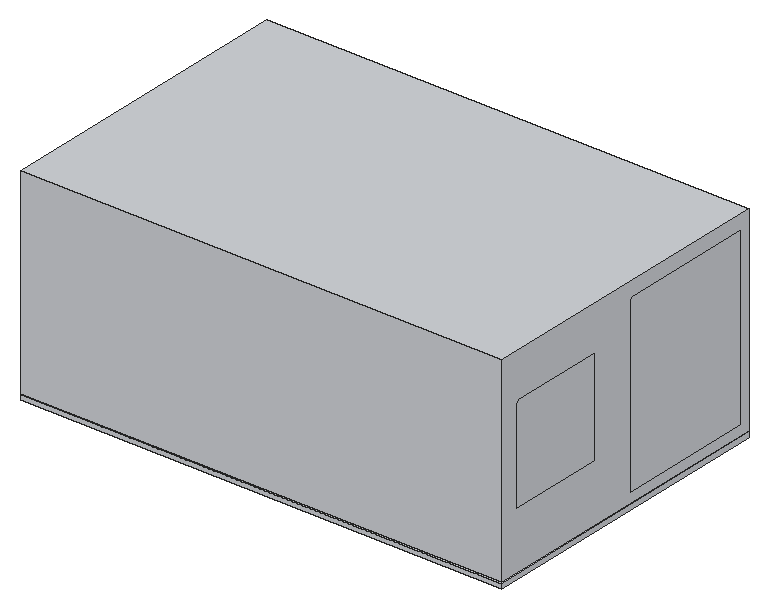
Revit family "AHU 8 _8", category Mechanické zařízení, Revit 2018
Family settings
  Kóta kulaté spojky = Použít průměr
  Typ dílu = Normální
  Číslo OmniClass = 23.75.00.00
  Nadpis OmniClass = Climate Control (HVAC)
  Založené na pracovní rovině = Ne
  Vždy vertikální = Ano
  Ořezat dutým tvarem při načtení = Ne
  Sdílené = Ne
  Bod výpočtu místnosti = Ne
Parameters (values of type "DUPLEXVENT 5500 Multi Eco")
  Width [instance] = 1.6 mm
  Weight [instance] = 493.00 kg
  URL = ""
  Type [instance] = "DUPLEXVENT 5500 Multi Eco"
  Total_SFP [instance] = 0
  Supply_outlet_hum [instance] = 90
  Supply_inlet_hum [instance] = 90
  Supply_ext_pressure [instance] = 0.0 Pa
  Supply_SFP [instance] = 0
  Source_adu_file [instance] = ""
  Recuperation_type [instance] = "Plate heat recovery exchanger"
  Recuperation_efficiency_EN308 [instance] = 0
  Project_name [instance] = ""
  Project_date [instance] = "10.8.2023"
  Power_supply_fusing [instance] = "0"
  Power_supply_cable [instance] = "0"
  Position [instance] = "AHU 8 "
  Phases_count [instance] = 3
  Panel_thickness [instance] = 0.06 mm
  Outer_surface [instance] = "RAL 9002"
  Length [instance] = 2.5 mm
  Insulation_type [instance] = "PUR"
  Insulation_thickness [instance] = 0.05 mm
  Installation_environment [instance] = ""
  Input_power_max [instance] = 6600 W
  Inner_surface [instance] = "Pozink"
  I2 [instance] = I1  # 0.0 L/s
  Height [instance] = 1.065 mm
  Exhaust_outlet_hum [instance] = 0
  Exhaust_inlet_hum [instance] = 40
  Exhaust_ext_pressure [instance] = 0.0 Pa
  Exhaust_SFP [instance] = 0
  E1 [instance] = E2 - M1  # 0.0 L/s
  E2 [instance] = 0.0 L/s
  I1 [instance] = 0.0 L/s
  Description = ""
  M1 [instance] = 0.0 L/s
  Device_dutypoint_version [instance] = "1"
  Device_design_version [instance] = "13"
  Device_adu_id [instance] = "8"
  Current_max [instance] = 10.8 A
  Casing_mat [instance] = "painted zinc layer"
  Cable type [instance] = "CYKY 5Jx2,5"
Reference planes
  plane 1 "Střed (vpředu/vzadu)": y = 0
  plane 2 "ref": z = 0
  plane 3 "Střed (vlevo/vpravo)": x = 0
Forms (mm)
  Sweep 1, solid
    path origin (0, 0, -1035) x (0, 0, 1) y (1, 0, 0)
      loop
        line (0, 0) -> (1035, 0)
    profile origin (0, 0, -1035) x (1, 0, 0) y (0, 1, 0)
      loop
        line (0, 0) -> (2500, 0) -> (2500, 1600) -> (0, 1600) -> (0, 0)
  Sweep 2, solid
    path origin (2499, 350, -485) x (1, 0, 0) y (0, 1, 0)
      loop
        line (0, 0) -> (1, 0)
    profile origin (2499, 350, -485) x (0, 1, 0) y (0, 0, 1)
      loop
        line (250, 250) -> (-250, 250) -> (-250, -250) -> (250, -250) -> (250, 250)
  Sweep 3, solid
    path origin (1, 1190, -530) x (0, 1, 0) y (-1, 0, 0)
      loop
        line (0, 0) -> (0, 1)
    profile origin (1, 1190, -530) x (0, -1, 0) y (0, 0, 1)
      loop
        line (-355, 450) -> (-355, -450) -> (355, -450) -> (355, 450) -> (-355, 450)
  Sweep 4, solid
    path origin (1, 350, -485) x (0, 1, 0) y (-1, 0, 0)
      loop
        line (0, 0) -> (0, 1)
    profile origin (1, 350, -485) x (0, -1, 0) y (0, 0, 1)
      loop
        line (-250, 250) -> (-250, -250) -> (250, -250) -> (250, 250) -> (-250, 250)
  Sweep 5, solid
    path origin (2499, 1190, -530) x (1, 0, 0) y (0, 1, 0)
      loop
        line (0, 0) -> (1, 0)
    profile origin (2499, 1190, -530) x (0, 1, 0) y (0, 0, 1)
      loop
        line (355, 450) -> (-355, 450) -> (-355, -450) -> (355, -450) -> (355, 450)
  Sweep 6, solid
    path origin (2433, 1533, -1035) x (0, -1, 0) y (0, 0, 1)
      loop
        line (0, 0) -> (0, -50)
    profile origin (2433, 1533, -1035) x (-1, 0, 0) y (0, -1, 0)
      loop
        circle (0, 0) r 26
  Sweep 7, solid
    path origin (1151, 1533, -1035) x (0, -1, 0) y (0, 0, 1)
      loop
        line (0, 0) -> (0, -50)
    profile origin (1151, 1533, -1035) x (-1, 0, 0) y (0, -1, 0)
      loop
        circle (0, 0) r 26
  Sweep 8, solid
    path origin (0, 0, -1065) x (0, 0, 1) y (1, 0, 0)
      loop
        line (0, 0) -> (25, 0)
    profile origin (0, 0, -1065) x (1, 0, 0) y (0, 1, 0)
      loop
        line (0, 0) -> (2500, 0) -> (2500, 1600) -> (0, 1600) -> (0, 0)
  Sweep 9, solid
    path origin (0, 0, -958) x (0, 0, 1) y (1, 0, 0)
      loop
        line (0, 0) -> (305, 0)
    profile origin (0, 0, -958) x (1, 0, 0) y (0, 1, 0)
      loop
        line (1420, 1600) -> (1825, 1600) -> (1825, 1690) -> (1420, 1690) -> (1420, 1600)
  Sweep 10, solid
    path origin (1420, 1645, -805) x (0, 0, -1) y (1, 0, 0)
      loop
        line (0, 0) -> (0, -1)
    profile origin (1420, 1645, -805) x (0, 0, -1) y (0, -1, 0)
      loop
        circle (0, 0) r 10
Lines and regions (mm)
  model lines, style "Symbol"
    curve 1: line (1475, 0, 0) -> (1475, 320, 0)
    curve 2: line (1475, 1600, 0) -> (1475, 1280, 0)
    curve 3: line (0, 800, 0) -> (995, 800, 0)
    curve 4: line (2500, 800, 0) -> (1955, 800, 0)
    curve 5: line (995, 800, 0) -> (1235, 1280, 0)
    curve 6: line (1235, 1280, 0) -> (1715, 1280, 0)
    curve 7: line (1715, 1280, 0) -> (1955, 800, 0)
    curve 8: line (1955, 800, 0) -> (1715, 320, 0)
    curve 9: line (1715, 320, 0) -> (1475, 320, 0)
    curve 10: line (1475, 320, 0) -> (1235, 320, 0)
    curve 11: line (1235, 320, 0) -> (995, 800, 0)
    curve 12: line (352, 1086, 0) -> (96, 1130, 0)
    curve 13: line (352, 1314, 0) -> (96, 1270, 0)
    curve 14: line (2148, 1314, 0) -> (2404, 1270, 0)
    curve 15: line (2148, 1086, 0) -> (2404, 1130, 0)
    curve 16: line (2450, 640, 0) -> (2450, 160, 0)
    curve 17: line (2450, 160, 0) -> (2300, 160, 0)
    curve 18: line (2300, 160, 0) -> (2300, 640, 0)
    curve 19: line (2300, 640, 0) -> (2450, 640, 0)
    curve 20: line (2375, 640, 0) -> (2300, 400, 0)
    curve 21: line (2375, 160, 0) -> (2300, 400, 0)
    curve 22: line (50, 160, 0) -> (50, 640, 0)
    curve 23: line (50, 640, 0) -> (200, 640, 0)
    curve 24: line (200, 640, 0) -> (200, 160, 0)
    curve 25: line (200, 160, 0) -> (50, 160, 0)
    curve 26: line (125, 160, 0) -> (200, 400, 0)
    curve 27: line (125, 640, 0) -> (200, 400, 0)
    curve 28: line (1730, 316, 0) -> (1948, 744, 0)
    curve 29: line (1948, 744, 0) -> (2020, 708, 0)
    curve 30: line (2020, 708, 0) -> (1802, 280, 0)
    curve 31: line (1802, 280, 0) -> (1730, 316, 0)
    curve 32: line (1876, 584, 0) -> (1962, 612, 0)
    curve 33: line (1788, 412, 0) -> (1874, 440, 0)
    curve 34: line (2399, 1533, -1035) -> (2467, 1533, -1035)
    curve 35: line (2433, 1499, -1035) -> (2433, 1567, -1035)
    curve 36: line (1117, 1533, -1035) -> (1185, 1533, -1035)
    curve 37: line (1151, 1499, -1035) -> (1151, 1567, -1035)
    curve 38: line (2500, 0, -2365) -> (2500, 0, -1065)
    curve 39: line (0, 0, -2365) -> (0, 0, -1065)
    curve 40: line (2500, 0, -2365) -> (0, 0, -2365)
    curve 41: line (2500, 1600, -2365) -> (2500, 1600, -1065)
    curve 42: line (0, 1600, -2365) -> (0, 1600, -1065)
    curve 43: line (2500, 1600, -2365) -> (0, 1600, -2365)
    curve 44: line (2500, 0, -2365) -> (2500, 1600, -2365)
    curve 45: line (0, 0, -2365) -> (0, 1600, -2365)
    curve 46: line (2500, 1400, -2365) -> (2300, 1600, -2365)
    curve 47: line (2500, 1200, -2365) -> (2100, 1600, -2365)
    curve 48: line (2500, 1000, -2365) -> (1900, 1600, -2365)
    curve 49: line (2500, 800, -2365) -> (1700, 1600, -2365)
    curve 50: line (2500, 600, -2365) -> (1500, 1600, -2365)
    curve 51: line (2500, 400, -2365) -> (1300, 1600, -2365)
    curve 52: line (2500, 200, -2365) -> (1100, 1600, -2365)
    curve 53: line (2500, 0, -2365) -> (900, 1600, -2365)
    curve 54: line (2300, 0, -2365) -> (700, 1600, -2365)
    curve 55: line (2100, 0, -2365) -> (500, 1600, -2365)
    curve 56: line (1900, 0, -2365) -> (300, 1600, -2365)
    curve 57: line (1700, 0, -2365) -> (100, 1600, -2365)
    curve 58: line (1500, 0, -2365) -> (0, 1500, -2365)
    curve 59: line (1300, 0, -2365) -> (0, 1300, -2365)
    curve 60: line (1100, 0, -2365) -> (0, 1100, -2365)
    curve 61: line (900, 0, -2365) -> (0, 900, -2365)
    curve 62: line (700, 0, -2365) -> (0, 700, -2365)
    curve 63: line (500, 0, -2365) -> (0, 500, -2365)
    curve 64: line (300, 0, -2365) -> (0, 300, -2365)
    curve 65: line (100, 0, -2365) -> (0, 100, -2365)
    curve 66: line (0, 1400, -2365) -> (0, 1600, -2165)
    curve 67: line (0, 1200, -2365) -> (0, 1600, -1965)
    curve 68: line (0, 1000, -2365) -> (0, 1600, -1765)
    curve 69: line (0, 800, -2365) -> (0, 1600, -1565)
    curve 70: line (0, 600, -2365) -> (0, 1600, -1365)
    curve 71: line (0, 400, -2365) -> (0, 1600, -1165)
    curve 72: line (0, 200, -2365) -> (0, 1500, -1065)
    curve 73: line (0, 0, -2365) -> (0, 1300, -1065)
    curve 74: line (0, 0, -2165) -> (0, 1100, -1065)
    curve 75: line (0, 0, -1965) -> (0, 900, -1065)
    curve 76: line (0, 0, -1765) -> (0, 700, -1065)
    curve 77: line (0, 0, -1565) -> (0, 500, -1065)
    curve 78: line (0, 0, -1365) -> (0, 300, -1065)
    curve 79: line (0, 0, -1165) -> (0, 100, -1065)
    curve 80: line (2500, 1600, -2165) -> (2300, 1600, -2365)
    curve 81: line (2500, 1600, -1965) -> (2100, 1600, -2365)
    curve 82: line (2500, 1600, -1765) -> (1900, 1600, -2365)
    curve 83: line (2500, 1600, -1565) -> (1700, 1600, -2365)
    curve 84: line (2500, 1600, -1365) -> (1500, 1600, -2365)
    curve 85: line (2500, 1600, -1165) -> (1300, 1600, -2365)
    curve 86: line (2400, 1600, -1065) -> (1100, 1600, -2365)
    curve 87: line (2200, 1600, -1065) -> (900, 1600, -2365)
    curve 88: line (2000, 1600, -1065) -> (700, 1600, -2365)
    curve 89: line (1800, 1600, -1065) -> (500, 1600, -2365)
    curve 90: line (1600, 1600, -1065) -> (300, 1600, -2365)
    curve 91: line (1400, 1600, -1065) -> (100, 1600, -2365)
    curve 92: line (1200, 1600, -1065) -> (0, 1600, -2265)
    curve 93: line (1000, 1600, -1065) -> (0, 1600, -2065)
    curve 94: line (800, 1600, -1065) -> (0, 1600, -1865)
    curve 95: line (600, 1600, -1065) -> (0, 1600, -1665)
    curve 96: line (400, 1600, -1065) -> (0, 1600, -1465)
    curve 97: line (200, 1600, -1065) -> (0, 1600, -1265)
    curve 98: line (0, 2320, 0) -> (0, 1600, 0)
    curve 99: line (2500, 2320, 0) -> (2500, 1600, 0)
    curve 100: line (0, 2320, 0) -> (2500, 2320, 0)
    curve 101: line (0, 2320, -1035) -> (0, 1600, -1035)
    curve 102: line (2500, 2320, -1035) -> (2500, 1600, -1035)
    curve 103: line (0, 2320, -1035) -> (2500, 2320, -1035)
    curve 104: line (0, 2320, 0) -> (0, 2320, -1035)
    curve 105: line (2500, 2320, 0) -> (2500, 2320, -1035)
    curve 106: line (0, 2320, -835) -> (200, 2320, -1035)
    curve 107: line (0, 2320, -635) -> (400, 2320, -1035)
    curve 108: line (0, 2320, -435) -> (600, 2320, -1035)
    curve 109: line (0, 2320, -235) -> (800, 2320, -1035)
    curve 110: line (0, 2320, -35) -> (1000, 2320, -1035)
    curve 111: line (165, 2320, 0) -> (1200, 2320, -1035)
    curve 112: line (365, 2320, 0) -> (1400, 2320, -1035)
    curve 113: line (565, 2320, 0) -> (1600, 2320, -1035)
    curve 114: line (765, 2320, 0) -> (1800, 2320, -1035)
    curve 115: line (965, 2320, 0) -> (2000, 2320, -1035)
    curve 116: line (1165, 2320, 0) -> (2200, 2320, -1035)
    curve 117: line (1365, 2320, 0) -> (2400, 2320, -1035)
    curve 118: line (1565, 2320, 0) -> (2500, 2320, -935)
    curve 119: line (1765, 2320, 0) -> (2500, 2320, -735)
    curve 120: line (1965, 2320, 0) -> (2500, 2320, -535)
    curve 121: line (2165, 2320, 0) -> (2500, 2320, -335)
    curve 122: line (2365, 2320, 0) -> (2500, 2320, -135)
    curve 123: line (2500, 2320, -835) -> (2500, 2120, -1035)
    curve 124: line (2500, 2320, -635) -> (2500, 1920, -1035)
    curve 125: line (2500, 2320, -435) -> (2500, 1720, -1035)
    curve 126: line (2500, 2320, -235) -> (2500, 1600, -955)
    curve 127: line (2500, 2320, -35) -> (2500, 1600, -755)
    curve 128: line (2500, 2155, 0) -> (2500, 1600, -555)
    curve 129: line (2500, 1955, 0) -> (2500, 1600, -355)
    curve 130: line (2500, 1755, 0) -> (2500, 1600, -155)
    curve 131: line (0, 2120, -1035) -> (200, 2320, -1035)
    curve 132: line (0, 1920, -1035) -> (400, 2320, -1035)
    curve 133: line (0, 1720, -1035) -> (600, 2320, -1035)
    curve 134: line (80, 1600, -1035) -> (800, 2320, -1035)
    curve 135: line (280, 1600, -1035) -> (1000, 2320, -1035)
    curve 136: line (480, 1600, -1035) -> (1200, 2320, -1035)
    curve 137: line (680, 1600, -1035) -> (1400, 2320, -1035)
    curve 138: line (880, 1600, -1035) -> (1600, 2320, -1035)
    curve 139: line (1080, 1600, -1035) -> (1800, 2320, -1035)
    curve 140: line (1280, 1600, -1035) -> (2000, 2320, -1035)
    curve 141: line (1480, 1600, -1035) -> (2200, 2320, -1035)
    curve 142: line (1680, 1600, -1035) -> (2400, 2320, -1035)
    curve 143: line (1880, 1600, -1035) -> (2500, 2220, -1035)
    curve 144: line (2080, 1600, -1035) -> (2500, 2020, -1035)
    curve 145: line (2280, 1600, -1035) -> (2500, 1820, -1035)
    curve 146: line (2480, 1600, -1035) -> (2500, 1620, -1035)
    curve 147: line (0, 0, -1040) -> (0, 1600, -1040)
    curve 148: line (0, 1600, -1040) -> (1120, 1600, -1040)
    curve 149: line (1120, 1600, -1040) -> (1120, 0, -1040)
    curve 150: line (1120, 0, -1040) -> (0, 0, -1040)
    curve 151: line (1380, 0, -1040) -> (1380, 1600, -1040)
    curve 152: line (1380, 1600, -1040) -> (2500, 1600, -1040)
    curve 153: line (2500, 1600, -1040) -> (2500, 0, -1040)
    curve 154: line (2500, 0, -1040) -> (1380, 0, -1040)
    curve 155: line (0, 0, -1040) -> (2500, 0, -1040)
    curve 156: line (0, 1600, -1040) -> (2500, 1600, -1040)
    curve 157: line (0, 0, -1040) -> (0, 1600, -1040)
    curve 158: line (2500, 0, -1040) -> (2500, 1600, -1040)
    curve 159: line (0, 0, -1040) -> (0, 0, -1065)
    curve 160: line (2500, 0, -1040) -> (2500, 0, -1065)
    curve 161: line (0, 1600, -1040) -> (0, 1600, -1065)
    curve 162: line (2500, 1600, -1040) -> (2500, 1600, -1065)
    curve 163: line (-9, 1651, 0) -> (42, 1651, 0)
    curve 164: line (42, 1651, 0) -> (42, 1601, 0)
    curve 165: line (42, 1601, 0) -> (-9, 1601, 0)
    curve 166: line (-9, 1601, 0) -> (-9, 1651, 0)
    curve 167: line (-9, 1601, -150) -> (-9, 1601, 0)
    curve 168: line (-9, 1601, 0) -> (42, 1601, 0)
    curve 169: line (42, 1601, 0) -> (42, 1601, -150)
    curve 170: line (42, 1601, -150) -> (-9, 1601, -150)
    curve 171: line (-9, 1613, -150) -> (-9, 1651, 0)
    curve 172: line (-9, 1651, 0) -> (-9, 1601, 0)
    curve 173: line (-9, 1601, 0) -> (-9, 1601, -150)
    curve 174: line (-9, 1601, -150) -> (-9, 1613, -150)
    curve 175: line (42, 1613, -150) -> (42, 1651, 0)
    curve 176: line (42, 1651, 0) -> (42, 1601, 0)
    curve 177: line (42, 1601, 0) -> (42, 1601, -150)
    curve 178: line (42, 1601, -150) -> (42, 1613, -150)
    curve 179: line (42, -51, 0) -> (-9, -51, 0)
    curve 180: line (-9, -51, 0) -> (-9, -1, 0)
    curve 181: line (-9, -1, 0) -> (42, -1, 0)
    curve 182: line (42, -1, 0) -> (42, -51, 0)
    curve 183: line (42, -1, -150) -> (42, -1, 0)
    curve 184: line (42, -1, 0) -> (-9, -1, 0)
    curve 185: line (-9, -1, 0) -> (-9, -1, -150)
    curve 186: line (-9, -1, -150) -> (42, -1, -150)
    curve 187: line (42, -13, -150) -> (42, -51, 0)
    curve 188: line (42, -51, 0) -> (42, -1, 0)
    curve 189: line (42, -1, 0) -> (42, -1, -150)
    curve 190: line (42, -1, -150) -> (42, -13, -150)
    curve 191: line (-9, -13, -150) -> (-9, -51, 0)
    curve 192: line (-9, -51, 0) -> (-9, -1, 0)
    curve 193: line (-9, -1, 0) -> (-9, -1, -150)
    curve 194: line (-9, -1, -150) -> (-9, -13, -150)
    curve 195: line (2509, -51, 0) -> (2458, -51, 0)
    curve 196: line (2458, -51, 0) -> (2458, -1, 0)
    curve 197: line (2458, -1, 0) -> (2509, -1, 0)
    curve 198: line (2509, -1, 0) -> (2509, -51, 0)
    curve 199: line (2509, -1, -150) -> (2509, -1, 0)
    curve 200: line (2509, -1, 0) -> (2458, -1, 0)
    curve 201: line (2458, -1, 0) -> (2458, -1, -150)
    curve 202: line (2458, -1, -150) -> (2509, -1, -150)
    curve 203: line (2509, -13, -150) -> (2509, -51, 0)
    curve 204: line (2509, -51, 0) -> (2509, -1, 0)
    curve 205: line (2509, -1, 0) -> (2509, -1, -150)
    curve 206: line (2509, -1, -150) -> (2509, -13, -150)
    curve 207: line (2458, -13, -150) -> (2458, -51, 0)
    curve 208: line (2458, -51, 0) -> (2458, -1, 0)
    curve 209: line (2458, -1, 0) -> (2458, -1, -150)
    curve 210: line (2458, -1, -150) -> (2458, -13, -150)
    curve 211: line (2458, 1651, 0) -> (2509, 1651, 0)
    curve 212: line (2509, 1651, 0) -> (2509, 1601, 0)
    curve 213: line (2509, 1601, 0) -> (2458, 1601, 0)
    curve 214: line (2458, 1601, 0) -> (2458, 1651, 0)
    curve 215: line (2458, 1601, -150) -> (2458, 1601, 0)
    curve 216: line (2458, 1601, 0) -> (2509, 1601, 0)
    curve 217: line (2509, 1601, 0) -> (2509, 1601, -150)
    curve 218: line (2509, 1601, -150) -> (2458, 1601, -150)
    curve 219: line (2458, 1613, -150) -> (2458, 1651, 0)
    curve 220: line (2458, 1651, 0) -> (2458, 1601, 0)
    curve 221: line (2458, 1601, 0) -> (2458, 1601, -150)
    curve 222: line (2458, 1601, -150) -> (2458, 1613, -150)
    curve 223: line (2509, 1613, -150) -> (2509, 1651, 0)
    curve 224: line (2509, 1651, 0) -> (2509, 1601, 0)
    curve 225: line (2509, 1601, 0) -> (2509, 1601, -150)
    curve 226: line (2509, 1601, -150) -> (2509, 1613, -150)
    curve 227: circle (240, 1200, 0) r 160 normal (0, 0, 1)
    curve 228: circle (2260, 1200, 0) r 160 normal (0, 0, 1)
    curve 229: circle (1919, 598, 0) r 12 normal (0, 0, 1)
    curve 230: circle (1831, 426, 0) r 12 normal (0, 0, 1)
    curve 231: circle (2433, 1533, -1035) r 26 normal (0, 0, 1)
    curve 232: circle (1151, 1533, -1035) r 26 normal (0, 0, 1)
    curve 233: circle (17, 1626, 0) r 5 normal (0, 0, 1)
    curve 234: circle (17, -26, 0) r 5 normal (0, 0, 1)
    curve 235: circle (2483, -26, 0) r 5 normal (0, 0, 1)
    curve 236: circle (2483, 1626, 0) r 5 normal (0, 0, 1)
Dimensions and locks
  aligned and locked: level to plane 2 "ref"
Connectors
  hvac at (2500, 350, -485), driven by "E1"
    settings: on Sweep 2, index 1, duct flow 0.0 L/s, flow factor 0, pres drop 0.0 Pa, loss coef 0, conn angle 0.00°, conn width 500 mm, conn height 500 mm, conn diameter 609.6 mm, duct sys type 1, conn prof type 1, flow config 1, flow direction 1, loss method 0, conn ref index -1, conn util no, is conn primary yes, conn desc ""
  hvac at (0, 1190, -530), driven by "E2"
    settings: on Sweep 3, index 2, duct flow 0.0 L/s, flow factor 1, pres drop 0.0 Pa, loss coef 0, conn angle 0.00°, conn width 710 mm, conn height 900 mm, conn diameter 609.6 mm, duct sys type 1, conn prof type 1, flow config 2, flow direction 2, loss method 0, conn ref index -1, conn util no, is conn primary no, conn desc ""
  hvac at (0, 350, -485), driven by "I1"
    settings: on Sweep 4, index 3, duct flow 0.0 L/s, flow factor 1, pres drop 0.0 Pa, loss coef 0, conn angle 0.00°, conn width 500 mm, conn height 500 mm, conn diameter 609.6 mm, duct sys type 3, conn prof type 1, flow config 2, flow direction 1, loss method 0, conn ref index -1, conn util no, is conn primary no, conn desc ""
  hvac at (2500, 1190, -530), driven by "I2"
    settings: on Sweep 5, index 4, duct flow 0.0 L/s, flow factor 0, pres drop 0.0 Pa, loss coef 0, conn angle 0.00°, conn width 710 mm, conn height 900 mm, conn diameter 609.6 mm, duct sys type 3, conn prof type 1, flow config 1, flow direction 2, loss method 0, conn ref index -1, conn util no, is conn primary no, conn desc ""
  piping at (2433, 1533, -1085), diameter 40
    settings: on Sweep 6, index 5, connector inside diameter 609.6 mm, connector length 0 mm, flow factor 0, pipe flow 0.0 L/s, pressure drop 0.0 Pa, fitting loss kfactor 0, connector angle 0.00°, fixture units 0, engagement length 0 mm, angle of deflection 0.00°, flow configuration 1, flow direction 2, fitting loss method 0, system type 16, joint type 0, gender type 0, connector reference index -1, connector utility 0, adjustable connector no, is connector primary yes, connector description ""
  piping at (1151, 1533, -1085), diameter 40
    settings: on Sweep 7, index 6, connector inside diameter 609.6 mm, connector length 0 mm, flow factor 0, pipe flow 0.0 L/s, pressure drop 0.0 Pa, fitting loss kfactor 0, connector angle 0.00°, fixture units 0, engagement length 0 mm, angle of deflection 0.00°, flow configuration 1, flow direction 2, fitting loss method 0, system type 16, joint type 0, gender type 0, connector reference index -1, connector utility 0, adjustable connector no, is connector primary no, connector description ""
  electrical at (1419, 1645, -805)
    settings: on Sweep 10, index 7, voltage 400 V, apparent load 0 VA, apparent load phase1 0 VA, apparent load phase2 0 VA, apparent load phase3 0 VA, power factor 1, load classification "Další", number of poles 3, system type 31, power factor state 1, is connector primary yes, connector utility no, sub classification motor no, connector description ""
